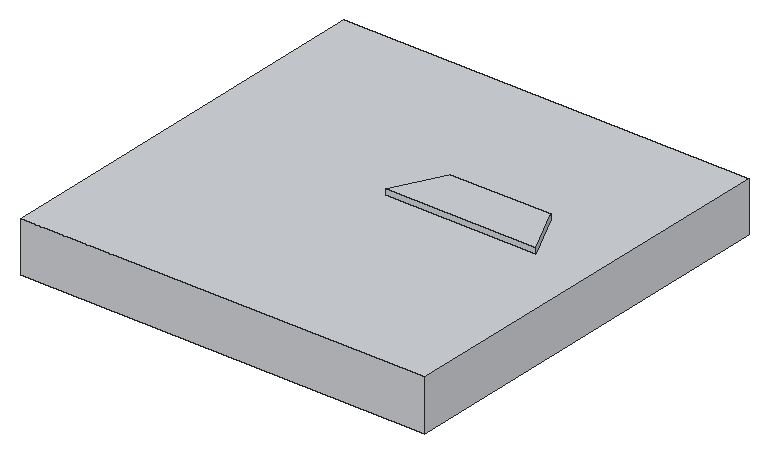
Revit family
Parameters
  Width = 1' - 0"
  URL = "www.coldspringgranite.com"
  TypicalJointSize = 0' - 0 1/4"
  StoneSplayLength = ((Width - FrontJoint - BackJoint) * SplayLength) / Width  # 0' - 5 7/8"
  StoneMaterial = none
  SplayLength = 0' - 6"
  SettingSpace = Height + SettingBed  # 0' - 2"
  SettingBed = 0' - 0 13/16"
  RightJointOff = no
  RightJoint = if(RightJointOff, 0' 0", TypicalJointSize / 2)  # 0' - 0 1/8"
  RightFrontAdjustment = ((FrontJoint * SplayLength) / Width) + (RightJoint * (1 / (Width / sqrt(Width ^ 2 + SplayLength ^ 2))))  # 0' - 0.20225"
  Product Name = "Match Website"
  Product Documentation Link = "Website Address"
  PhoneNumber = "800-551-7502"
  Notes = ""
  Model = "N/A"
  Manufacturer = "Cold Spring Granite Company"
  Low Emitting Material = yes
  Low Emitting Finish = yes
  Location = "17482 Granite West Road, Cold Spring, MN 56320-4578"
  Length = 3' - 0"
  LeftJointOff = no
  LeftJoint = if(LeftJointOff, 0' 0", TypicalJointSize / 2)  # 0' - 0 1/8"
  LeftFrontAdjustment = ((FrontJoint * SplayLength) / Width) + (LeftJoint * (1 / (Width / sqrt(Width ^ 2 + SplayLength ^ 2))))  # 0' - 0.20225"
  LEED Credit = ""
  Keynote = "096340"
  Height = 0' - 1 3/16"
  FrontJointOff = no
  FrontJoint = if(FrontJointOff, 0' 0", TypicalJointSize / 2)  # 0' - 0 1/8"
  Description = "Stone Floor Paving - Trapezoid"
  Default Elevation = 0' - 0"
  BackJointOff = no
  BackJoint = if(BackJointOff, 0' 0", TypicalJointSize / 2)  # 0' - 0 1/8"
  Assembly Code = "C3020400"
  ADA Compliant = yes
Reference planes (in)
  plane 1 "Center (Front/Back)": y = 0
  plane 2: z = 0
  plane 3 "Center (Left/Right)": x = 0
  plane 4 "Back": y = 12
  plane 5 "StoneBack": y = 11.875
  plane 6 "StoneFront": y = 0.125
  plane 7 "StoneLeftFront": x = 0.20225
  plane 8 "StoneRightFront": x = 35.79775
  plane 9 "RightFront": x = 36
  plane 10 "LeftBack": x = 6
  plane 11 "StoneLeftBack": x = 6.07725
  plane 12 "RightBack": x = 30
  plane 13 "StoneRightBack": x = 29.92275
  plane 14 "StoneBottom": z = 0.8125
  plane 15 "StoneTop": z = 2
Forms (in)
  Extrusion 1, solid
    sketch origin (0, 0, 0) x (1, 0, 0) y (0, 1, 0)
      loop
        line (-48, 48) -> (-48, -48) -> (48, -48) -> (48, 48) -> (-48, 48)
    from 0 to -12
  Extrusion 2, solid, material <- "StoneMaterial", detail levels coarse
    sketch origin (0, 0, 0) x (1, 0, 0) y (0, 1, 0)
      loop
        line (36, 0) -> (30, 12) -> (6, 12) -> (0, 0) -> (36, 0)
    from 0.8125 to 2
  Extrusion 3, solid, material <- "StoneMaterial", detail levels medium+fine
    sketch origin (0, 0, 0) x (1, 0, 0) y (0, 1, 0)
      loop
        line (0.20225, 0.125) -> (35.79775, 0.125) -> (29.92275, 11.875) -> (6.07725, 11.875) -> (0.20225, 0.125)
    from 0.8125 to 2
Lines and regions (in)
  Masking region 1, detail levels coarse
    outline origin (0, 0, 2) x (-1, 0, 0) y (0, -1, 0)
      loop
        line (-36, 0) -> (-30, -12) -> (-6, -12) -> (0, 0) -> (-36, 0)
  Masking region 2, detail levels medium+fine
    outline origin (0, 0, 2) x (-1, 0, 0) y (0, -1, 0)
      loop
        line (-0.20225, -0.125) -> (-35.79775, -0.125) -> (-29.92275, -11.875) -> (-6.07725, -11.875) -> (-0.20225, -0.125)
  Masking region 3, detail levels coarse
    outline origin (0, 0, 0) x (1, 0, 0) y (0, 0, 1)
      loop
        line (0, 2) -> (0, 0.8125) -> (36, 0.8125) -> (36, 2) -> (0, 2)
  Masking region 4, detail levels medium+fine
    outline origin (0, 0.125, 0) x (-1, 0, 0) y (0, 0, 1)
      loop
        line (-0.20225, 0.8125) -> (-0.20225, 2) -> (-35.79775, 2) -> (-35.79775, 0.8125) -> (-0.20225, 0.8125)
  Masking region 5, detail levels coarse
    outline origin (0, 12, 0) x (-1, 0, 0) y (0, 0, 1)
      loop
        line (-6, 0.8125) -> (-6, 2) -> (-30, 2) -> (-30, 0.8125) -> (-6, 0.8125)
  Masking region 6, detail levels medium+fine
    outline origin (0, 11.875, 0) x (-1, 0, 0) y (0, 0, 1)
      loop
        line (-6.07725, 0.8125) -> (-6.07725, 2) -> (-29.92275, 2) -> (-29.92275, 0.8125) -> (-6.07725, 0.8125)
  Masking region 7, detail levels coarse
    outline origin (0, 0, 0) x (0, 1, 0) y (0, 0, 1)
      loop
        line (12, 0.8125) -> (12, 2) -> (0, 2) -> (0, 0.8125) -> (12, 0.8125)
  Masking region 8, detail levels medium+fine
    outline origin (0, 0, 0) x (0, 1, 0) y (0, 0, 1)
      loop
        line (11.875, 0.8125) -> (11.875, 2) -> (0.125, 2) -> (0.125, 0.8125) -> (11.875, 0.8125)
  reference lines
    curve 1: line (0, 0, 0) -> (6, 12, 0)
    curve 2: line (0.20225, 0.125, 0) -> (6.07725, 11.875, 0)
    curve 3: line (36, 0, 0) -> (30, 12, 0)
    curve 4: line (35.79775, 0.125, 0) -> (29.92275, 11.875, 0)
Dimensions and locks (in)
  "Length": plane 9 "RightFront" to plane 3 "Center (Left/Right)"
  "SplayLength": plane 10 "LeftBack" to plane 3 "Center (Left/Right)"
  "SplayLength": plane 12 "RightBack" to plane 9 "RightFront"
  "LeftFrontAdjustment": plane 7 "StoneLeftFront" to plane 3 "Center (Left/Right)"
  "RightFrontAdjustment": plane 8 "StoneRightFront" to plane 9 "RightFront"
  "SettingSpace": plane 15 "StoneTop" to plane 2
  "Height": plane 15 "StoneTop" to plane 14 "StoneBottom"
  "Width": plane 4 "Back" to plane 1 "Center (Front/Back)"
  "BackJoint": plane 4 "Back" to plane 5 "StoneBack"
  "FrontJoint": plane 6 "StoneFront" to plane 1 "Center (Front/Back)"
  "StoneSplayLength": plane 7 "StoneLeftFront" to plane 11 "StoneLeftBack"
  "StoneSplayLength": plane 13 "StoneRightBack" to plane 8 "StoneRightFront"
  aligned and locked: plane 2 to Extrusion 1
  aligned and locked: level to Extrusion 1
  aligned and locked: plane 1 "Center (Front/Back)" to curve 1
  aligned and locked: plane 3 "Center (Left/Right)" to curve 1
  aligned and locked: plane 10 "LeftBack" to curve 1
  aligned and locked: plane 4 "Back" to curve 1
  aligned and locked: plane 5 "StoneBack" to curve 2
  aligned and locked: plane 11 "StoneLeftBack" to curve 2
  aligned and locked: plane 6 "StoneFront" to curve 2
  aligned and locked: plane 7 "StoneLeftFront" to curve 2
  aligned and locked: plane 1 "Center (Front/Back)" to curve 3
  aligned and locked: plane 9 "RightFront" to curve 3
  aligned and locked: plane 4 "Back" to curve 3
  aligned and locked: plane 12 "RightBack" to curve 3
  aligned and locked: plane 5 "StoneBack" to curve 4
  aligned and locked: plane 13 "StoneRightBack" to curve 4
  aligned and locked: plane 6 "StoneFront" to curve 4
  aligned and locked: plane 8 "StoneRightFront" to curve 4
  aligned and locked: Extrusion 2 sketch curve to plane 1 "Center (Front/Back)"
  aligned and locked: Extrusion 2 sketch curve to curve 1
  aligned and locked: Extrusion 2 sketch curve to plane 4 "Back"
  aligned and locked: Extrusion 2 sketch curve to curve 3
  aligned and locked: Extrusion 2 to plane 14 "StoneBottom"
  aligned and locked: plane 15 "StoneTop" to Extrusion 2
  aligned and locked: Extrusion 3 sketch curve to plane 6 "StoneFront"
  aligned and locked: Extrusion 3 sketch curve to plane 5 "StoneBack"
  aligned and locked: Extrusion 3 sketch curve to curve 2
  aligned and locked: Extrusion 3 sketch curve to curve 4
  aligned and locked: Extrusion 3 to plane 14 "StoneBottom"
  aligned and locked: plane 15 "StoneTop" to Extrusion 3
  aligned and locked: Masking region 1 sketch curve to plane 1 "Center (Front/Back)"
  aligned and locked: Masking region 1 sketch curve to curve 1
  aligned and locked: Masking region 1 sketch curve to plane 4 "Back"
  aligned and locked: Masking region 1 sketch curve to curve 3
  aligned and locked: Masking region 2 sketch curve to plane 6 "StoneFront"
  aligned and locked: Masking region 2 sketch curve to plane 5 "StoneBack"
  aligned and locked: Masking region 2 sketch curve to curve 2
  aligned and locked: Masking region 2 sketch curve to curve 4
  aligned and locked: Masking region 3 sketch curve to plane 15 "StoneTop"
  aligned and locked: Masking region 3 sketch curve to plane 14 "StoneBottom"
  aligned and locked: Masking region 3 sketch curve to plane 3 "Center (Left/Right)"
  aligned and locked: Masking region 3 sketch curve to plane 9 "RightFront"
  aligned and locked: Masking region 4 sketch curve to plane 7 "StoneLeftFront"
  aligned and locked: Masking region 4 sketch curve to plane 8 "StoneRightFront"
  aligned and locked: Masking region 4 sketch curve to plane 15 "StoneTop"
  aligned and locked: Masking region 4 sketch curve to plane 14 "StoneBottom"
  aligned and locked: Masking region 5 sketch curve to plane 10 "LeftBack"
  aligned and locked: Masking region 5 sketch curve to plane 12 "RightBack"
  aligned and locked: Masking region 5 sketch curve to plane 15 "StoneTop"
  aligned and locked: Masking region 5 sketch curve to plane 14 "StoneBottom"
  aligned and locked: Masking region 6 sketch curve to plane 11 "StoneLeftBack"
  aligned and locked: Masking region 6 sketch curve to plane 13 "StoneRightBack"
  aligned and locked: Masking region 6 sketch curve to plane 15 "StoneTop"
  aligned and locked: Masking region 6 sketch curve to plane 14 "StoneBottom"
  aligned and locked: plane 4 "Back" to Masking region 7 sketch curve
  aligned and locked: plane 1 "Center (Front/Back)" to Masking region 7 sketch curve
  aligned and locked: plane 15 "StoneTop" to Masking region 7 sketch curve
  aligned and locked: plane 14 "StoneBottom" to Masking region 7 sketch curve
  aligned and locked: plane 5 "StoneBack" to Masking region 8 sketch curve
  aligned and locked: plane 6 "StoneFront" to Masking region 8 sketch curve
  aligned and locked: plane 15 "StoneTop" to Masking region 8 sketch curve
  aligned and locked: plane 14 "StoneBottom" to Masking region 8 sketch curve
Automatic sketch dimensions
  Extrusion 1 sketch curve to Extrusion 1 sketch curve = 8' - 0"  (x2)
Nested families (in)
  nested 1: "CopyRight" at (0, 0, 0), type "CopyRight"
Definition of nested family "CopyRight"
  Parameters (values of type "CopyRight")
    CopyRight = "Cold Spring Granite Company"
  Reference planes (in)
    plane 1: z = 0
